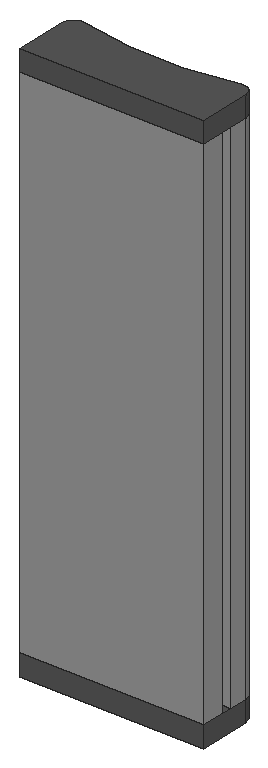
Revit family "JC KONTAKTER JCK108 Armbågskontakt", category Specialty Equipment, host Wall, Revit 2025
Family settings
  Host = Wall
  Round Connector Dimension = Use Diameter
  Part Type = Normal
  Enable Cutting in Views = Yes
  Always vertical = Yes
  Cut with Voids When Loaded = No
  Maintain Annotation Orientation = No
  Shared = No
  Room Calculation Point = No
Parameters (values of type "Armbågskontakt JCK108")
  URL = "https://jckontakter.se/produkt/armbagskontakter-metall/armbagskontakt-i-aluminium-jck108/"
  Tillverkningsland = "Sverige"
  Tillvalsförteckning = "https://jckontakter.se/wp-content/uploads/sites/2/Tillval_metall_2024.pdf"
  Tekniskt produktblad = "https://jckontakter.se/wp-content/uploads/2019/09/Tekniskt-blad_JCK108.245.pdf"
  Produktvikt = "0.416 kg"
  Placering av armbågskontakt = "https://jckontakter.se/start/nyheter-och-information/armbagskontakter-placering-riktlinjer/"
  Nominell märkström = "0,1A - 10 A/250 V AC"
  Model = "JCK108"  # constant formula
  Mikrobrytare = "Standard NO IP67"
  Manufacturer = "JC Kontakter"  # constant formula
  Lägsta märkström = "1mA/4 V DC"
  Lid Finish = Aluminum ENAW 6060
  Keynote = ""
  End Cap Finish = POM Tenac C 4520
  Description = "JCK108 är en robust armbågskontakt i aluminium. Modellen har en konkav tryckplatta med kontrasterande svarta endcaps och är speciellt lämplig att installeras i krävande miljöer.\r\nJCK108 levereras med 2st mikrobrytare i IP67."  # constant formula
  Default Elevation = 0 mm
  Core Finish = Aluminum ENAW 6060
  CE Dokument = "https://jckontakter.se/wp-content/uploads/CE_Dokument.pdf"
  Assembly Code = ""
  Antal mikrobrytare = 2
Types (2, lengths in mm): name | Produktvikt
  Type 1 | "0.305 kg"
  Armbågskontakt JCK108 | "0.416 kg"
Reference planes
  plane 1 "Wall": y = 0
  plane 2 "Center (Left/Right)": x = 125
  plane 3 "Back": y = 75
  plane 4 "A": z = 800
Lines and regions (mm)
  Masking region 1
    outline origin (0, 0, -100) x (1, 0, 0) y (0, 0, 1)
      loop
        line (175, 1145) -> (75, 1145) -> (75, 900) -> (175, 900) -> (175, 1145)
  symbolic lines
    curve 1: line (75, 125, 0) -> (175, 125, 0)
    curve 2: line (75, 75, 0) -> (75, 125, 0)
    curve 3: line (175, 75, 0) -> (75, 75, 0)
    curve 4: line (175, 125, 0) -> (175, 75, 0)
    curve 5: line (175, 0, 1045) -> (75, 0, 1045)
    curve 6: line (175, 0, 800) -> (175, 0, 1045)
    curve 7: line (75, 0, 800) -> (175, 0, 800)
    curve 8: line (75, 0, 1045) -> (75, 0, 800)
Text (mm)
  text "Placement Side" at (-1848.837, 1116.779, 0), in view "Ref. Level"
  text "Placement side" at (0, 1409.804, 2854.306), in view "Left"
  text "Placement side" at (0, 499.811, 2980.732), in view "Right"
Dimensions and locks
  locked: plane 3 "Back" to host wall
  locked: curve 3 to curve 1 at 50
  aligned and locked: plane 1 "Wall" to host wall
  aligned and locked: nested 1 to plane 3 "Back"
  aligned and locked: curve 3 to plane 3 "Back"
  aligned and locked: plane 4 "A" to curve 7
  aligned and locked: curve 6 to Masking region 1
  aligned and locked: Masking region 1 to curve 8
Nested families
  nested 1: "AK_108" at (125, 75, 800) x (-1, 0, 0) z (0, 0, 1), type "AK_108", detail levels medium+fine
Definition of nested family "AK_108"
  Parameters (values of type "AK_108")
    URL = "https://jckontakter.se/produkt/armbagskontakter-metall/armbagskontakt-i-aluminium-jck108/"
    Model = "JCK108"  # constant formula
    Manufacturer = "JC Kontakter"  # constant formula
    Lid Finish = none
    End Cap Finish = none
    Description = "JCK108 är en robust armbågskontakt i aluminium. Modellen har en konkav tryckplatta med kontrasterande svarta endcaps och är speciellt lämplig att installeras i krävande miljöer.\r\nJCK108 levereras med 2st mikrobrytare i IP67."  # constant formula
    Default Elevation = 0 mm
    Core Finish = none
  Reference planes
    plane 1 "Center (Front/Back)": y = 0
    plane 2: z = 0
    plane 3 "Center (Left/Right)": x = 0
    plane 4 "1": x = 40
    plane 5 "A": z = 9
    plane 6 "B": z = 236
    plane 7: y = -17.83
  Forms (mm)
    Extrusion 1, solid, material <- "Core Finish"
      sketch origin (40, 0, 9) x (1, 0, 0) y (0, 1, 0)
        loop
          line (-80, 0) -> (-80, -10) -> (-73.2, -10) -> (-73.2, -15) -> (-6, -15) -> (-6, -10) -> (0, -10) -> (0, 0) -> (-80, 0)
      from 0 to 227
    Extrusion 2, solid, material <- "Lid Finish"
      sketch origin (-40, 0, 9) x (-1, 0, 0) y (0, -1, 0)
        loop
          line (-6.8, 17.58) -> (-6.8, 15) -> (0, 15) -> (0, 23)
          arc (0, 23) -> (-1.864, 26.894) -> (-6.066, 27.885) r 5
          arc (-6.066, 27.885) -> (-40, 24) -> (-73.934, 27.885) r 150.141
          arc (-73.934, 27.885) -> (-78.136, 26.894) -> (-80, 23) r 5
          line (-80, 23) -> (-80, 15) -> (-74, 15) -> (-74, 17.58) -> (-6.8, 17.58)
      from 0 to 227
    Extrusion 3, solid, material <- "End Cap Finish"
      sketch origin (-40, 0, 0) x (1, 0, 0) y (0, 1, 0)
        loop
          arc (0, -23) -> (1.864, -26.894) -> (6.066, -27.885) r 5
          arc (6.066, -27.885) -> (40, -24) -> (73.934, -27.885) r 150.141
          arc (73.934, -27.885) -> (78.136, -26.894) -> (80, -23) r 5
          line (80, -23) -> (80, 0) -> (0, 0) -> (0, -23)
      from 0 to 9
    Extrusion 4, void
      sketch origin (0, 0, 0) x (1, 0, 0) y (0, 1, 0)
        loop
          circle (-29.75, -12.25) r 3.75
        loop
          circle (29.75, -12.25) r 3.75
      from 0 to 4
    Extrusion 5, solid, material <- "End Cap Finish"
      sketch origin (0, 0, 236) x (-1, 0, 0) y (0, -1, 0)
        loop
          arc (40, 23) -> (38.136, 26.894) -> (33.934, 27.885) r 5
          arc (33.934, 27.885) -> (0, 24) -> (-33.934, 27.885) r 150.141
          arc (-33.934, 27.885) -> (-38.136, 26.894) -> (-40, 23) r 5
          line (-40, 23) -> (-40, 0) -> (40, 0) -> (40, 23)
      from 0 to 9
  Cuts and joins
    Extrusion 4 cuts Extrusion 3
  Dimensions and locks
    aligned and locked: level to plane 2
